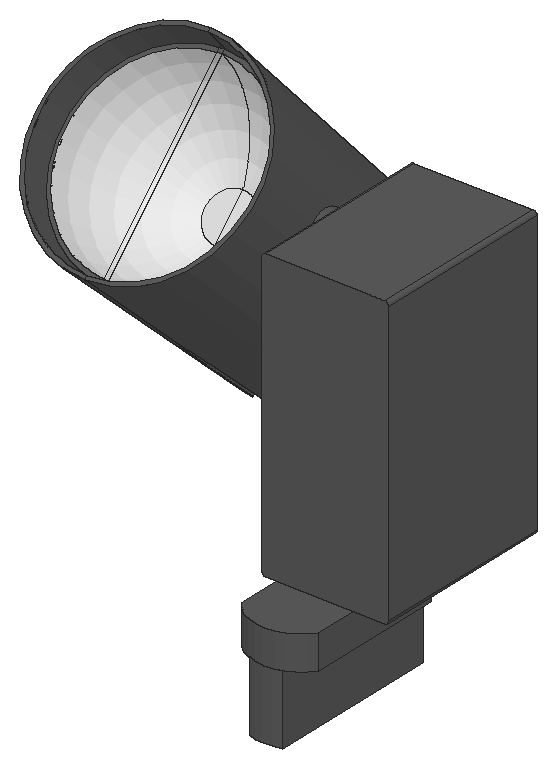
Revit family "0004888 Feilo Sylvania Lighting Fixture START TRACK SPOT S 24W 3K RA90 WB BLACK", category Lighting Fixtures, host Face, Revit 2017 (continued)
Definition of nested family "Start Track Spot Head"
  Types (96, lengths in mm): name | Wattage | built-in parameter 1150134 | Photometric Web File | Model | built-in parameter 1150105 | Lumens | built-in parameter 1150107 | built-in parameter 1150106 | HeadThickness_FEILO | HeadRibOffset_FEILO | HeadRibDepth_FEILO | HeadRibCutWidth_FEILO | HeadRibCutOffset_FEILO | HeadReflectorRadius_FEILO | HeadReflectorOffset_FEILO | HeadLEDRadius_FEILO | HeadHeight_FEILO | HeadDiffusorOffset_FEILO | HeadDiaOut_FEILO | HeadDiaIn_FEILO | HeadAxisFromTop_FEILO | Emit from Circle Diameter | built-in parameter 1150104 | Description | Apparent Load
    0004812 START TRACK SPOT S 14W 3K RA80 MB WHITE | 14 W | (empty or 0) | "0004812.ies" | "START TRACK SPOT S 14W 3K RA80 MB WHITE" | 120.32 (stored number, unit not read) | 1512 lm | 3000 (stored number, unit not read) | 1.2032 (stored number, unit not read) | 1.5 | 4.179 | 55.714 | 7.167 | 50.87 | 50.588 | 55.714 | 9.556 | 117 | 9.435 | 86 | 77.477 | 69.354 | 77.477 | 10.034 (stored number, unit not read) | "Integrated LED spotlight, Textured White - RAL9016, compact and minimalist design, ideal for retail applications, die-cast aluminium body, passive cooling heatsink. Beam angle: 36°, color temperature: 3000K , total system power: 14W, total fixture output: 1508 lm, LOR: 100%, colour rendering: Ra: 80 typical, LED Chromaticity: 3 step MacAdam ellipse, lifetime: >50000 hours at L70B50, energy class: A++, A+, A, IR/UV free light source without heat radiation, operating voltage: 220-240V / 50-60Hz, drive current: 350mA, electronic driver, non-dimmable, power factor: 0.92, electrical protection: Class II, Global Track 3 Phase adapter suitable for Global trac 3-circuit tracks, ingress protection rating: IP20, suitable for internal environment only, horizontal rotation: 355°, vertical tilt: 90°, dimensions: Ø86x140x200, weight: 0.940kg." | 14 VA
    0004811 START TRACK SPOT S 14W 3K RA80 NB WHITE | 14 W | (empty or 0) | "0004811.ies" | "START TRACK SPOT S 14W 3K RA80 NB WHITE" | 123.66 (stored number, unit not read) | 1554 lm | 3000 (stored number, unit not read) | 1.2366 (stored number, unit not read) | 1.5 | 4.179 | 55.714 | 7.167 | 50.87 | 50.588 | 55.714 | 9.556 | 117 | 9.435 | 86 | 77.477 | 69.354 | 77.477 | 10.312 (stored number, unit not read) | "Integrated LED spotlight, Textured White - RAL9016, compact and minimalist design, ideal for retail applications, die-cast aluminium body, passive cooling heatsink. Beam angle: 12°, color temperature: 3000K , total system power: 14W, total fixture output: 1551 lm, LOR: 100%, colour rendering: Ra: 80 typical, LED Chromaticity: 3 step MacAdam ellipse, lifetime: >50000 hours at L70B50, energy class: A++, A+, A, IR/UV free light source without heat radiation, operating voltage: 220-240V / 50-60Hz, drive current: 350mA, electronic driver, non-dimmable, power factor: 0.92, electrical protection: Class II, Global Track 3 Phase adapter suitable for Global trac 3-circuit tracks, ingress protection rating: IP20, suitable for internal environment only, horizontal rotation: 355°, vertical tilt: 90°, dimensions: Ø86x140x200, weight: 0.940kg." | 14 VA
  Reference planes
    plane 1 "Center (Front/Back)": y = 0
    plane 2: z = 0
    plane 3 "Center (Left/Right)": x = 0
    plane 4: x = 43
    plane 5: x = -43
    plane 6: x = -38.739
    plane 7: x = 38.739
    plane 8: z = 69.354
    plane 9: z = -47.646
    plane 10: x = -41.5
    plane 11: x = -37.239
    plane 12: z = -38.211
    plane 13: z = -35.211
    plane 14: z = 8.068
    plane 15: x = -9.556
    plane 16: x = -28.667
    plane 17: x = -19.111
    plane 18: x = -27.167
    plane 19: x = -17.611
    plane 20: x = -8.056
    plane 21: z = 13.64
    plane 22: x = -29.667
    plane 23: x = -26.167
    plane 24: x = -20.111
    plane 25: x = -16.611
    plane 26: x = -10.556
    plane 27: x = -7.056
    plane 28: x = -36.239
    plane 29: x = -40.5
    plane 30: z = 65.175
    plane 31: z = 60.997
    plane 32: z = 56.818
    plane 33: z = 18.484
    plane 34: y = -43
    plane 35: y = 43
    plane 36: y = 3.583
    plane 37: y = -3.583
    plane 38: y = -2.583
    plane 39: y = 2.583
    plane 40: y = 46
    plane 41: z = 13.5
    plane 42: z = -13.5
    plane 43: y = 39
    plane 44: x = 4.708
    plane 45: x = -2.458
    plane 46: x = -1.458
    plane 47: x = 1.458
  Forms (mm)
    Extrusion 1, solid
      sketch origin (4.2, 0, 0) x (1, 0, 0) y (0, 1, 0)
        loop
          line (-1219.2, 1219.2) -> (-1219.2, -1219.2) -> (1219.2, -1219.2) -> (1219.2, 1219.2) -> (-1219.2, 1219.2)
      from 0 to -68.017
    Revolve 2, solid, material <- "Material_1_FEILO", detail levels medium+fine
      sketch origin (0, 0, 0) x (1, 0, 0) y (0, 0, 1)
        loop
          line (-43, -47.646) -> (-41.5, -47.646) -> (-40.5, -35.211) -> (-38.739, -35.211)
          arc (-38.739, -35.211) -> (-30.16, -9.517) -> (-9.556, 8.068) r 50.588
          line (-9.556, 8.068) -> (0, 8.068) -> (0, 13.64) -> (-16.611, 13.64) -> (-17.611, 60.997) -> (-19.111, 60.997) -> (-20.111, 13.64) -> (-36.239, 13.64) -> (-37.239, 69.354) -> (-38.739, 69.354) -> (-43, -47.646)
        axis (0, 69.354) -> (0, -47.646)
      angle from 360 to 0
    Extrusion 3, void
      sketch origin (0, 0, 0) x (0, 1, 0) y (0, 0, 1)
        loop
          line (-3.583, 69.354) -> (-2.583, 18.484) -> (1.932, 18.484) -> (2.932, 69.354) -> (-3.583, 69.354)
      from 43 to -43
    Revolve 4, solid, material <- "Material_2_FEILO", detail levels medium+fine
      sketch origin (0, 0, 0) x (1, 0, 0) y (0, 0, 1)
        loop
          line (-41.5, -38.211) -> (0, -38.211) -> (0, -35.211) -> (-41.5, -35.211) -> (-41.5, -38.211)
        axis (0, -35.211) -> (0, -38.211)
      angle from 360 to 0
    Revolve 5, solid, material <- "Material_1_FEILO"
      sketch origin (0, 0, 0) x (0, 1, 0) y (0, 0, 1)
        loop
          line (46, 0) -> (39, 0) -> (39, -13.5) -> (46, -13.5) -> (46, 0)
        axis (39, 0) -> (46, 0)
      angle from 360 to 0
    Revolve 6, solid, material <- "Material_1_FEILO", detail levels medium+fine
      sketch origin (0, 0, 0) x (1, 0, 0) y (0, 0, 1)
        loop
          line (-29.667, 13.64) -> (-26.167, 13.64) -> (-27.167, 65.175) -> (-28.667, 65.175) -> (-29.667, 13.64)
        loop
          line (-10.556, 13.64) -> (-7.056, 13.64) -> (-7.833, 56.818) -> (-9.778, 56.818) -> (-10.556, 13.64)
        axis (0, 65.175) -> (0, 13.64)
      angle from 360 to 0
    Extrusion 7, void
      sketch origin (0, 0, 0) x (1, 0, 0) y (0, 0, 1)
        loop
          line (4.708, 69.354) -> (-2.458, 69.354) -> (-1.458, 13.64) -> (1.458, 13.64) -> (4.708, 69.354)
      from -43 to 43
    Revolve 8, solid, material <- "Material_1_FEILO", detail levels coarse
      sketch origin (0, 0, 0) x (1, 0, 0) y (0, 0, 1)
        loop
          line (0, 69.354) -> (-38.739, 69.354) -> (-43, -47.646) -> (-41.5, -47.646) -> (-40.731, -38.211) -> (0, -38.211) -> (0, 69.354)
        axis (0, 69.354) -> (0, -47.646)
      angle from 360 to 0
  Cuts and joins
    Extrusion 3 cuts Revolve 2
    Extrusion 7 cuts Revolve 6
  Dimensions and locks
    equal spacing: plane 7, plane 3 "Center (Left/Right)", plane 6
    equal spacing: plane 4, plane 3 "Center (Left/Right)", plane 5
    "HeadDiaOut_FEILO": plane 4 to plane 5
    "HeadDiaIn_FEILO": plane 7 to plane 6
    "HeadHeight_FEILO": plane 8 to plane 9
    "HeadThickness_FEILO": plane 10 to plane 5
    "HeadThickness_FEILO": plane 11 to plane 6
    "HeadDiffusorOffset_FEILO": plane 12 to plane 9
    "HeadDiffusorThickness_FEILO": plane 13 to plane 12
    "HeadReflectorOffset_FEILO": plane 14 to plane 9
    "HeadLEDRadius_FEILO": plane 3 "Center (Left/Right)" to plane 15
    "HeadLEDRadius_FEILO": plane 15 to plane 17
    "HeadLEDRadius_FEILO": plane 17 to plane 16
    "HeadThickness_FEILO": plane 18 to plane 16
    "HeadThickness_FEILO": plane 19 to plane 17
    "HeadThickness_FEILO": plane 20 to plane 15
    "HeadRibDepth_FEILO": plane 8 to plane 21
    "HeadDraft_FEILO": plane 16 to plane 22
    "HeadDraft_FEILO": plane 23 to plane 18
    "HeadDraft_FEILO": plane 17 to plane 24
    "HeadDraft_FEILO": plane 25 to plane 19
    "HeadDraft_FEILO": plane 15 to plane 26
    "HeadDraft_FEILO": plane 27 to plane 20
    "HeadDraft_FEILO": plane 29 to plane 10
    "HeadDraft_FEILO": plane 28 to plane 11
    "HeadRibOffset_FEILO": plane 8 to plane 30
    "HeadRibOffset_FEILO": plane 30 to plane 31
    "HeadRibOffset_FEILO": plane 31 to plane 32
    "HeadAxisFromTop_FEILO": plane 8 to plane 2
    "HeadRibCutOffset_FEILO": plane 8 to plane 33
    equal spacing: plane 34, plane 1 "Center (Front/Back)", plane 35
    "HeadDiaOut_FEILO": plane 34 to plane 35
    equal spacing: plane 38, plane 1 "Center (Front/Back)", plane 39
    equal spacing: plane 37, plane 1 "Center (Front/Back)", plane 36
    "HeadRibCutWidth_FEILO": plane 37 to plane 36
    "HeadDraft_FEILO": plane 37 to plane 38
    locked: plane 35 to plane 40 at 3
    equal spacing: plane 41, plane 2, plane 42
    locked: plane 42 to plane 41 at 27
    locked: plane 43 to plane 35 at 4
    equal spacing: plane 45, imposter light, plane 44
    "HeadDraft_FEILO": plane 46 to plane 45
    "HeadRibCutWidth_FEILO": plane 44 to plane 45
    equal spacing: plane 47, plane 3 "Center (Left/Right)", plane 46
    "HeadReflectorRadius_FEILO": radius of Revolve 2 sketch curve
    aligned and locked: plane 2 to Extrusion 1
    aligned and locked: level to Extrusion 1
    aligned and locked: Revolve 2 sketch curve to plane 3 "Center (Left/Right)"  (x2)
    aligned and locked: plane 9 to Revolve 2 sketch curve  (x2)
    aligned and locked: plane 5 to Revolve 2 sketch curve
    aligned and locked: plane 10 to Revolve 2 sketch curve
    aligned and locked: plane 14 to Revolve 2 sketch curve
    aligned and locked: plane 8 to Revolve 2 sketch curve
    aligned and locked: Revolve 2 sketch curve to plane 13
    aligned and locked: plane 12 to Revolve 4 sketch curve
    aligned and locked: plane 3 "Center (Left/Right)" to Revolve 4 sketch curve
    aligned and locked: Revolve 4 sketch curve to plane 10
    aligned and locked: Revolve 4 sketch curve to plane 3 "Center (Left/Right)"
    aligned and locked: plane 12 to imposter light
    aligned and locked: imposter light to plane 1 "Center (Front/Back)"
    aligned and locked: Revolve 5 sketch curve to plane 2
    aligned and locked: plane 43 to Revolve 5 sketch curve
    aligned and locked: plane 42 to Revolve 5 sketch curve
    aligned and locked: Revolve 6 sketch curve to plane 3 "Center (Left/Right)"
    aligned and locked: plane 22 to Revolve 6 sketch curve
    aligned and locked: plane 30 to Revolve 6 sketch curve
    aligned and locked: plane 23 to Revolve 6 sketch curve
    aligned and locked: Revolve 6 sketch curve to plane 21  (x2)
    aligned and locked: plane 21 to Revolve 6 sketch curve
    aligned and locked: plane 17 to Revolve 2 sketch curve
    aligned and locked: plane 19 to Revolve 2 sketch curve
    aligned and locked: plane 31 to Revolve 2 sketch curve
    aligned and locked: plane 21 to Revolve 2 sketch curve
    aligned and locked: Extrusion 3 to plane 8
    aligned and locked: plane 33 to Extrusion 3
    aligned and locked: plane 8 to Extrusion 3 sketch curve
    aligned and locked: Extrusion 3 sketch curve to plane 33
    aligned and locked: Extrusion 3 to plane 5
    aligned and locked: plane 4 to Extrusion 3
    aligned and locked: plane 32 to Revolve 6 sketch curve
    aligned and locked: plane 44 to Extrusion 7 sketch curve
    aligned and locked: Extrusion 7 sketch curve to plane 8
    aligned and locked: plane 46 to Extrusion 7 sketch curve
    aligned and locked: plane 21 to Extrusion 7 sketch curve
    aligned and locked: plane 34 to Extrusion 7
    aligned and locked: Extrusion 7 to plane 35
    aligned and locked: Revolve 4 sketch curve to plane 13
    aligned and locked: Revolve 5 sketch curve to plane 40
    aligned and locked: Revolve 8 sketch curve to plane 3 "Center (Left/Right)"
    aligned and locked: Revolve 8 sketch curve to cut or joined group of Revolve 2, Extrusion 3  (x3)
    aligned and locked: plane 5 to Revolve 8 sketch curve
    aligned and locked: plane 3 "Center (Left/Right)" to Revolve 8 sketch curve
    aligned and locked: plane 12 to Revolve 8 sketch curve
  Automatic sketch dimensions
    Extrusion 1 sketch curve to Extrusion 1 sketch curve = 2438.4 mm  (x2)
    Extrusion 3 sketch curve to plane 37 = 0 mm
    Extrusion 3 sketch curve to plane 38 = 0 mm
    plane 39 to Extrusion 3 sketch curve = 0.651 mm
    Extrusion 3 sketch curve to plane 39 = 0.349 mm
    Revolve 6 sketch curve to plane 16 = 0 mm
    Revolve 6 sketch curve to plane 18 = 0 mm
    Revolve 6 sketch curve to plane 26 = 0 mm
    Revolve 6 sketch curve to plane 27 = 0 mm
    Revolve 6 sketch curve to plane 15 = 0.222 mm
    plane 9 to Revolve 6 sketch curve = 559.103 mm
    Revolve 6 sketch curve to plane 8 = 2535.555 mm
    plane 20 to Revolve 6 sketch curve = 0.222 mm
    Revolve 2 sketch curve to plane 29 = 0 mm
    Revolve 2 sketch curve to plane 6 = 0 mm  (x2)
    Revolve 2 sketch curve to plane 11 = 0 mm
    Revolve 2 sketch curve to plane 21 = 0 mm
    Revolve 2 sketch curve to plane 28 = 0 mm
    Revolve 2 sketch curve to plane 24 = 0 mm
    Revolve 2 sketch curve to plane 25 = 0 mm
    Revolve 2 sketch curve to plane 15 = 0 mm
    Revolve 2 sketch curve to Revolve 2 sketch curve = 557.155 mm
    Revolve 2 sketch curve to plane 8 = 2535.558 mm
    Extrusion 7 sketch curve to plane 45 = 0 mm
    Extrusion 7 sketch curve to plane 47 = 0 mm
    plane 9 to Revolve 4 sketch curve = 559.103 mm
    Revolve 4 sketch curve to plane 8 = 2535.555 mm
    Revolve 5 sketch curve to level = 0 mm
    plane 34 to Revolve 5 sketch curve = 1968.092 mm
    Revolve 5 sketch curve to plane 40 = 1405.763 mm
    Revolve 8 sketch curve to plane 6 = 0 mm
    Revolve 8 sketch curve to plane 29 = 0.231 mm
    plane 9 to Revolve 8 sketch curve = 559.103 mm
    Revolve 8 sketch curve to Revolve 8 sketch curve = 2535.555 mm
Definition of nested family "Start Track Spot Box"
  Parameters (values of type "Type Large White")
    URL = "http://www.feilosylvania.com"
    Type Image = (empty or 0)
    Type Comments = "n/a"
    Small_FEILO = no
    Material_3_FEILO = none
    Model = ""
    Manufacturer = "Feilo Sylvania"
    Keynote = ""
    Material_2_FEILO = none
    Description = ""
    Default Elevation = 1219.2 mm
    Cost = 0
    Material_1_FEILO = none
    BoxWidth_FEILO = 49 mm
    BoxStartAngle_FEILO [instance] = 0.00°
    BoxRadius_FEILO = 1.5 mm
    BoxHeight_FEILO = if(Small_FEILO, 112 mm, 136 mm)  # 136 mm
    BoxEndAngle_FEILO [instance] = BoxStartAngle_FEILO - 180.00°  # -180.00°
    BoxDepth_FEILO = if(Small_FEILO, 71.5 mm, 79 mm)  # 79 mm
    BoxAxisVerticalOffset_FEILO = 16 mm
    BoxAxisOffset_FEILO = BoxHeight_FEILO / 6.8  # 20 mm
    Assembly Code = ""
    Material_4_FEILO = none
  Types (4, lengths in mm): name | Small_FEILO | BoxHeight_FEILO | BoxDepth_FEILO | BoxAxisOffset_FEILO
    Type Large White | no | 136 | 79 | 20
    Type Small White | yes | 112 | 71.5 | 16.471
    Type Small Black | yes | 112 | 71.5 | 16.471
    Type Large Black | no | 136 | 79 | 20
  Reference planes
    plane 1 "Center (Front/Back)": y = 0
    plane 2: z = 0
    plane 3 "Center (Left/Right)": x = 0
    plane 4: x = 24.5
    plane 5: x = -24.5
    plane 6: y = 68
    plane 7: y = -68
    plane 8: z = 39.5
    plane 9: z = -39.5
    plane 10: y = -48
    plane 11: x = 30.5
    plane 12: x = 8.5
    plane 13: x = 21.5
    plane 14: y = 70
    plane 15: y = 72
    plane 16: x = 19.5
  Forms (mm)
    Extrusion 1, solid
      sketch origin (4.2, 0, 0) x (1, 0, 0) y (0, 1, 0)
        loop
          line (-1219.2, 1219.2) -> (-1219.2, -1219.2) -> (1219.2, -1219.2) -> (1219.2, 1219.2) -> (-1219.2, 1219.2)
      from 0 to -68.017
    Extrusion 2, solid, material <- "Material_1_FEILO"
      sketch origin (0, 0, 0) x (1, 0, 0) y (0, 1, 0)
        loop
          arc (-23, 68) -> (-24.061, 67.561) -> (-24.5, 66.5) r 1.5
          line (-24.5, 66.5) -> (-24.5, -66.5)
          arc (-24.5, -66.5) -> (-24.061, -67.561) -> (-23, -68) r 1.5
          line (-23, -68) -> (23, -68)
          arc (23, -68) -> (24.061, -67.561) -> (24.5, -66.5) r 1.5
          line (24.5, -66.5) -> (24.5, 66.5)
          arc (24.5, 66.5) -> (24.061, 67.561) -> (23, 68) r 1.5
          line (23, 68) -> (-23, 68)
      from -39.5 to 39.5
    Revolve 3, solid, not visible
      sketch origin (0, 0, 0) x (1, 0, 0) y (0, 1, 0)
        loop
          line (30.5, -48) -> (24.5, -48) -> (24.5, -68) -> (30.5, -68) -> (30.5, -48)
        axis (30.5, -48) -> (24.5, -48)
      angle from 0 <- "BoxStartAngle_FEILO" to -180 <- "BoxEndAngle_FEILO"
    Revolve 4, solid, material <- "Material_2_FEILO"
      sketch origin (0, 0, 0) x (1, 0, 0) y (0, 1, 0)
        loop
          line (8.5, 68) -> (19.5, 68) -> (19.5, 70) -> (21.5, 70) -> (21.5, 72) -> (8.5, 72) -> (8.5, 68)
        axis (8.5, 72) -> (8.5, 68)
      angle from 360 to 0
  Dimensions and locks
    equal spacing: plane 5, plane 3 "Center (Left/Right)", plane 4
    "BoxWidth_FEILO": plane 5 to plane 4
    equal spacing: plane 7, plane 1 "Center (Front/Back)", plane 6
    "BoxHeight_FEILO": plane 7 to plane 6
    equal spacing: plane 8, plane 2, plane 9
    "BoxDepth_FEILO": plane 8 to plane 9
    "BoxAxisOffset_FEILO": plane 7 to plane 10
    locked: plane 4 to plane 11 at 6
    "BoxAxisVerticalOffset_FEILO": plane 12 to plane 4
    locked: plane 12 to plane 13 at 13
    plane 6 to plane 14 to plane 15 = 2 mm locked, 2 mm locked
    locked: plane 12 to plane 16 at 11
    "BoxRadius_FEILO": radius of Extrusion 2 sketch curve  (x4)
    aligned and locked: plane 2 to Extrusion 1
    aligned and locked: level to Extrusion 1
    aligned and locked: plane 6 to Extrusion 2 sketch curve
    aligned and locked: plane 5 to Extrusion 2 sketch curve
    aligned and locked: Extrusion 2 sketch curve to plane 7
    aligned and locked: Extrusion 2 sketch curve to plane 4
    aligned and locked: Extrusion 2 to plane 8
    aligned and locked: plane 9 to Extrusion 2
    aligned and locked: Revolve 3 sketch curve to plane 10  (x2)
    aligned and locked: plane 11 to Revolve 3 sketch curve
    aligned and locked: Revolve 3 sketch curve to plane 4
    aligned and locked: plane 7 to Revolve 3 sketch curve
    aligned and locked: Revolve 4 sketch curve to plane 12
    aligned and locked: plane 6 to Revolve 4 sketch curve
    aligned and locked: plane 12 to Revolve 4 sketch curve
    aligned and locked: plane 15 to Revolve 4 sketch curve
    aligned and locked: Revolve 4 sketch curve to plane 13
    aligned and locked: Revolve 4 sketch curve to plane 14
    aligned and locked: Revolve 4 sketch curve to plane 16
    aligned and locked: Revolve 4 sketch curve to plane 6
  Automatic sketch dimensions
    Extrusion 1 sketch curve to Extrusion 1 sketch curve = 2438.4 mm  (x2)
    Revolve 3 sketch curve to plane 5 = 1499.5 mm
    plane 11 to Revolve 3 sketch curve = 1493.5 mm
    plane 15 to Revolve 4 sketch curve = 0 mm
    plane 7 to Revolve 4 sketch curve = 1456 mm
    Revolve 4 sketch curve to plane 15 = 1452 mm
